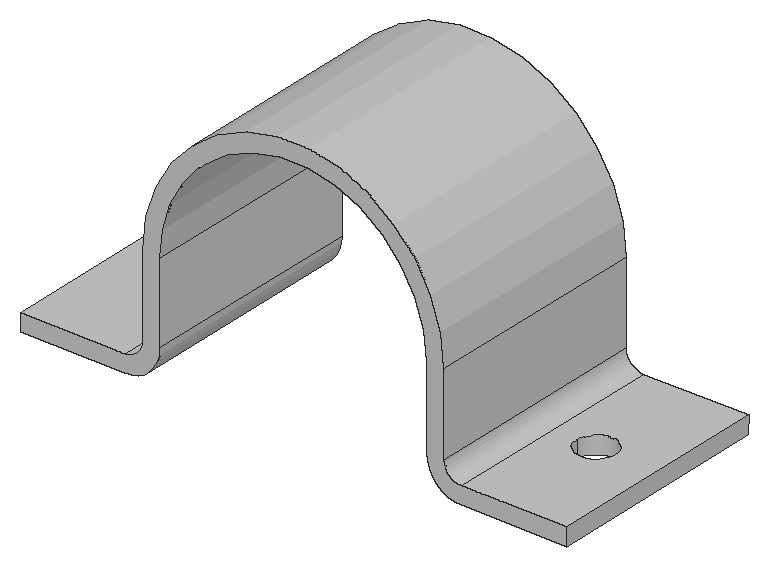
Revit family "Pipe-Strap-Atkore-Single-Piece-P2558-15", category Specialty Equipment, Revit 2012
Parameters (values of type "P2558-15")
  ecoScorecard_data = ""
  ecoScorecard Product Page = ""
  Unit = Metal - Aluminum - Atkore - Electro - Galvanized
  URL = "http://unistrut.us/index.php"
  Thickness = 3.20 mm
  Subcategory = "Pipe Strap"  # constant formula
  Product Page URL = ""
  Part Type = "Strap"  # constant formula
  Part Number = "P2558-15"
  Overall Width = 99.219 mm
  Overall Height = 42.842 mm
  Overall Depth = 41.275 mm
  Model = "P2558-15"  # constant formula
  Material = "Multiple Options - See Catalog"
  Manufacturer Toll Free Phone = "800-882-5543"  # constant formula
  Manufacturer Phone = "708-339-1610"  # constant formula
  Manufacturer Fax = "708-339-7814"  # constant formula
  Manufacturer Email = "mailto:questions@atkore.com"
  Manufacturer Address = "16100 South Lathrop Avenue, Harvey, IL 60426"  # constant formula
  Manufacturer = "Unistrut by Atkore International"  # constant formula
  Load Capacity Note = "Visit the product page for load application and capacity."  # constant formula
  Literature URL = ""
  Description = "Single Piece Pipe Strap"  # constant formula
  Cost Info = "mailto:questions@atkore.com"
  Construction Note = ""
  Conduit Size = 9.50 mm  # constant formula
  CSI MasterSpec = ""
  CAD URL = ""
  Assembly Code = "D5090300"
  95 CSI = "16070"  # constant formula
  04 CSI = "26 05 48"  # constant formula
Reference planes
  plane 1 "Center (Front/Back)": y = 0
  plane 2: z = 0
  plane 3 "Center (Left/Right)": x = 0
  plane 4: y = 20.637
  plane 5: y = -20.637
  plane 6: x = -49.609
  plane 7: x = 49.609
  plane 8: z = 42.842
Dimensions and locks
  equal spacing: plane 4, plane 1 "Center (Front/Back)", plane 5
  "Overall Height": plane 8 to level
  "Overall Depth": plane 4 to plane 5
  "Overall Width": plane 6 to plane 7
  equal spacing: plane 6, plane 3 "Center (Left/Right)", plane 7
  aligned and locked: level to plane 2
  aligned and locked: plane 3 "Center (Left/Right)" to nested 1
  aligned and locked: plane 1 "Center (Front/Back)" to nested 1
Nested families
  nested 1: "P2558-15" at (0, 0, 0), type "P2558-15"
Definition of nested family "P2558-15"
  Parameters (values of type "P2558-15")
    Unit = none
    Default Elevation = 0.00 mm
    C = 11.10 mm
    B = 7.10 mm
    A = 95.30 mm
  Reference planes
    plane 1 "Center (Front/Back)": y = 0
    plane 2: z = 0
    plane 3 "Center (Left/Right)": x = 0
    plane 4: y = -20.638
    plane 5: x = -49.609
    plane 6: x = 49.609
    plane 7: y = 20.637
    plane 8: z = 48.419
    plane 9: z = 3.2
  Forms (mm)
    Sweep 1, solid, material <- "Unit"
      path origin (0, 0, 0) x (1, 0, 0) y (0, 1, 0)
        loop
          line (0, 20.637) -> (0, -20.638)
      profile origin (0, 0, 0) x (1, 0, 0) y (0, 0, 1)
        loop
          line (24.209, 21.034) -> (24.209, 6.35)
          arc (24.209, 6.35) -> (26.069, 1.86) -> (30.559, 0) r 6.35
          line (30.559, 0) -> (31.611, 0) -> (31.611, 3.175) -> (30.559, 3.175)
          arc (30.559, 3.175) -> (28.314, 4.105) -> (27.384, 6.35) r 3.175
          line (27.384, 6.35) -> (27.384, 21.034)
          arc (27.384, 21.034) -> (0, 48.419) -> (-27.384, 21.034) r 27.384
          line (-27.384, 21.034) -> (-27.384, 6.35)
          arc (-27.384, 6.35) -> (-28.314, 4.105) -> (-30.559, 3.175) r 3.175
          line (-30.559, 3.175) -> (-31.611, 3.175) -> (-31.611, 0) -> (-30.559, 0)
          arc (-30.559, 0) -> (-26.069, 1.86) -> (-24.209, 6.35) r 6.35
          line (-24.209, 6.35) -> (-24.209, 21.034)
          arc (-24.209, 21.034) -> (0, 45.244) -> (24.209, 21.034) r 24.209
    Sweep 2, solid, material <- "Unit"
      path origin (0, 0, 0) x (1, 0, 0) y (0, 0, 1)
        loop
          line (-49.609, 0) -> (-49.609, 3.2)
      profile origin (-49.609, 0, 1.6) x (-1, 0, 0) y (0, -1, 0)
        loop
          line (0, -20.638) -> (0, 20.637) -> (-17.998, 20.637) -> (-17.998, -20.638) -> (0, -20.638)
        loop
          circle (-11.112, 0) r 3.572
    Sweep 3, solid, material <- "Unit"
      path origin (0, 0, 0) x (-1, 0, 0) y (0, 0, 1)
        loop
          line (-49.609, 0) -> (-49.609, 3.2)
      profile origin (49.609, 0, 1.6) x (-1, 0, 0) y (0, -1, 0)
        loop
          line (0, -20.638) -> (17.998, -20.638) -> (17.998, 20.637) -> (0, 20.637) -> (0, -20.638)
        loop
          circle (11.112, 0) r 3.572
  Cuts and joins
    joined: Sweep 1, Sweep 2, Sweep 3
  Dimensions and locks
    equal spacing: plane 4, plane 1 "Center (Front/Back)", plane 7
    plane 9 to level = 3.20 mm
    equal spacing: plane 5, plane 3 "Center (Left/Right)", plane 6
    aligned and locked: plane 2 to level
  Automatic sketch dimensions
    Sweep 1 sketch curve to plane 3 "Center (Left/Right)" = 0.00 mm
    Sweep 1 sketch curve to plane 4 = 0.00 mm
    plane 7 to Sweep 1 sketch curve = 0.00 mm
    Sweep 1 sketch curve to Sweep 1 sketch curve = 0.00 mm  (x6)
    Sweep 1 sketch curve to level = 0.00 mm  (x2)
    profile plane to Sweep 1 sketch curve = 0.00 mm
    profile plane to Sweep 1 sketch curve = 24.209 mm
    Sweep 1 sketch curve to Sweep 1 sketch curve = 3.175 mm  (x3)
    Sweep 1 sketch curve to Sweep 1 sketch curve = 1.052 mm  (x2)
    Sweep 1 sketch curve to Sweep 1 sketch curve = 14.684 mm
    Sweep 2 sketch curve to plane 5 = 0.00 mm
    Sweep 2 sketch curve to level = 0.00 mm
    Sweep 2 sketch curve to plane 9 = 0.00 mm
    plane 1 "Center (Front/Back)" to Sweep 2 sketch curve = 0.00 mm
    Sweep 2 sketch curve to profile plane = 0.00 mm
    profile plane to Sweep 2 sketch curve = 11.112 mm
    profile plane to Sweep 2 sketch curve = 17.998 mm
    Sweep 2 sketch curve to plane 1 "Center (Front/Back)" = 20.638 mm
    plane 1 "Center (Front/Back)" to Sweep 2 sketch curve = 20.637 mm
    Sweep 3 sketch curve to plane 6 = 0.00 mm
    Sweep 3 sketch curve to level = 0.00 mm
    Sweep 3 sketch curve to plane 9 = 0.00 mm
    Sweep 3 sketch curve to profile plane = 0.00 mm
    plane 1 "Center (Front/Back)" to Sweep 3 sketch curve = 0.00 mm
    Sweep 3 sketch curve to profile plane = 11.112 mm
    Sweep 3 sketch curve to Sweep 3 sketch curve = 17.998 mm
    Sweep 3 sketch curve to plane 1 "Center (Front/Back)" = 20.638 mm
    plane 1 "Center (Front/Back)" to Sweep 3 sketch curve = 20.637 mm
    radius of Sweep 2 sketch curve = 3.572 mm
    radius of Sweep 3 sketch curve = 3.572 mm
